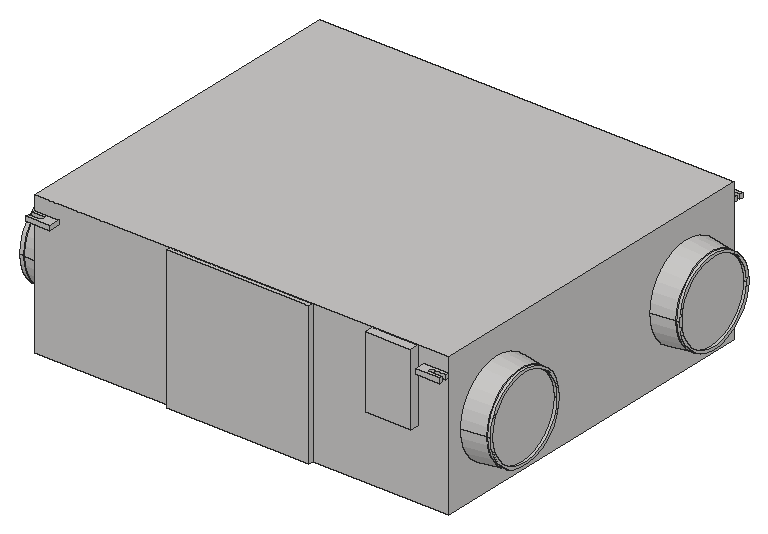
Revit family
Parameters (values of type "LGH-F470RX3-E")
  Width = 39 125/256"
  Temperature recovery efficiency = "75-72-72%"
  Subcategory = "HVAC"  # constant formula
  Starting Current = "Under 5.0 A"
  Sound Level = "31.5-37-39 dB (A)"
  SmartBIM Object Version = 3  # constant formula
  SmartBIM Object Created By = "Reed Construction Data"  # constant formula
  Power Source = "208-230V, 1 Phase, 60Hz"  # constant formula
  Power Consumption = "0.375-0.560 kW"
  Operating Environment = "14°F-104°F (-10°C-50°C), RH 80% or less"  # constant formula
  Net Weight = "143 lb / 65 kg"
  Motor = "Totally enclosed capacitor permanent split-phase 0.52 HP induction motor, 4 poles, 2 units"  # constant formula
  Manufacturer = "Mitsubishi Electric"  # constant formula
  MOCP = "15 A"
  MCC = "3.7 A"
  K = 5 111/128"
  J = 27 13/64"
  Duct Offset = 1/2"
  Description = ""
  Depth = 45 53/64"
  Heat Exchange System = "Air-to-air total heat"  # constant formula
  Heat Exchange Material = "Partition, spacing plate-cellulose fiber membrane"  # constant formula
  H = 5 25/256"
  G = 4 3/4"
  Filter = "Washable fiber (2)"  # constant formula
  F = 1 147/256"
  External static pressure = "0.29 - 0.58 - 0.80 H2O"
  External Finish = Galvanized steel sheet
  Enthalphy recovery efficiency Heating = "65-62-62%"
  Enthalphy recovery efficiency Cooling = "48-44-44%"
  Energy Transfer = "Lossnay® core"  # constant formula
  E = 40 53/64"
  Height = 15 171/256"
  D = 40 141/256"
  Current = "1.6-2.5 A"
  Capacity = "470 ft3/min / 13.3 m3/min"
  Blower = "9.625 in. dia. centrigugal fan"  # constant formula
  Assembly Code = "D3050200"
  95 CSI = "15760"  # constant formula
  04 CSI = "23 82 19"  # constant formula
Types (5): name | Width | Temperature recovery efficiency | Starting Current | Sound Level | Power Consumption | Net Weight | MCC | K | J | Duct Offset | Depth | H | G | External static pressure | Enthalphy recovery efficiency Heating | Enthalphy recovery efficiency Cooling | E | Height | D | Current | Capacity
  (no name) | 39 125/256" | "75-72-72%" | "Under 5.0 A" | "31.5-37-39 dB (A)" | "0.375-0.560 kW" | "143 lb / 65 kg" | "3.7 A" | 5 111/128" | 27 13/64" | 1/2" | 45 53/64" | 5 25/256" | 4 3/4" | "0.29 - 0.58 - 0.80 H2O" | "65-62-62%" | "48-44-44%" | 40 53/64" | 15 171/256" | 40 141/256" | "1.6-2.5 A" | "470 ft3/min / 13.3 m3/min"
  LGH-F300RX3-E | 40" | "74-69-69%" | "Under 2.5 A" | "25-32-36 dB (A)" | "0.146-0.278 kW" | "73 lb / 33 kg" | "1.7 A" | 4 113/128" | 29 85/256" | 1/2" | 34 59/64" | 4 3/32" | 3 25/32" | "0.02-0.10-0.65 H2O" | "69-62-62%" | "52-44-44%" | 41 67/256" | 12 133/256" | 31 9/64" | "0.6-1.3 A" | "300 ft3/min / 8.5 m3/min"
  LGH-F470RX3-E | 39 125/256" | "75-72-72%" | "Under 5.0 A" | "31.5-37-39 dB (A)" | "0.375-0.560 kW" | "143 lb / 65 kg" | "3.7 A" | 5 111/128" | 27 13/64" | 1/2" | 45 53/64" | 5 25/256" | 4 3/4" | "0.29 - 0.58 - 0.80 H2O" | "65-62-62%" | "48-44-44%" | 40 53/64" | 15 171/256" | 40 141/256" | "1.6-2.5 A" | "470 ft3/min / 13.3 m3/min"
  LGH-F600RX3-E | 39 125/256" | "73-69-69%" | "Under 7.0 A" | "30-37-39 dB (A)" | "0.390-0.654 kW" | "159 lb / 72 kg" | "3.7 A" | 5 111/128" | 36 23/128" | 1/2" | 45 53/64" | 5 25/256" | 4 3/4" | "0.24-0.48-0.80 H2O" | "66-62-62%" | "50-44-44%" | 49 49/64" | 15 171/256" | 40 141/256" | "1.7-2.9 A" | "600 ft3/min / 17 m3/min"
  LGH-F1200RX3-E | 48 109/256" | "74-69-69%" | "Under 14.0 A" | "32-39-41 dB (A)" | "0.810-1.290 kW" | "395 lb / 179 kg" | "6.9 A" | 4 113/128" | 29 85/256" | 2 1/2" | 65 111/256" | 7 3/32" | 6 7/8" | "0.20-0.43-0.75 H2O" | "67-62-62%" | "51-44-44%" | 50 15/128" | 31 127/256" | 40 141/256" | "3.6-5.7 A" | "1,200 ft3/min / 34 m3/min"
Reference planes (in)
  plane 1 "Center (Front/Back)": y = 0
  plane 2 "Ceiling": z = 96
  plane 3 "Center (Left/Right)": x = 0.01969
  plane 4: y = -19.74414
  plane 5: y = 19.74414
  plane 6: x = 22.93375
  plane 7: x = -22.89438
  plane 8: y = -43.36619
  plane 9: y = -25.64965
  plane 10: x = 8.87795
  plane 11: x = -8.83858
Forms (in)
  Extrusion 1, solid, material "Galvanized steel sheet" <- "External Finish"
    sketch origin (-25.61091, 13.10241, 89.74023) x (0, 0, 1) y (0, 1, 0)
      loop
        circle (0, 0) r 4.75
      loop
        circle (0, 0) r 4.5
    from 0 to 0.3937
  Extrusion 2, solid, material "Galvanized steel sheet" <- "External Finish"
    sketch origin (-25.61091, -13.10241, 89.74023) x (0, 0, -1) y (0, -1, 0)
      loop
        circle (0, 0) r 4.5
      loop
        circle (0, 0) r 4.75
    from 0 to 0.3937
  Extrusion 3, solid, material "Galvanized steel sheet" <- "External Finish"
    sketch origin (25.65028, 13.10241, 89.74023) x (0, 0, -1) y (0, 1, 0)
      loop
        circle (0, 0) r 4.5
      loop
        circle (0, 0) r 4.75
    from 0 to 0.3937
  Extrusion 4, solid, material "Galvanized steel sheet" <- "External Finish"
    sketch origin (25.65028, -13.10241, 89.74023) x (0, 0, 1) y (0, -1, 0)
      loop
        circle (0, 0) r 4.5
      loop
        circle (0, 0) r 4.75
    from 0 to 0.3937
  Extrusion 5, solid, material "Galvanized steel sheet" <- "External Finish"
    sketch origin (-41.31307, -19.74414, 90) x (-1, 0, 0) y (0, 0, 1)
      loop
        line (-55.87283, 7.57422) -> (-60.87283, 7.57422) -> (-60.87283, -0.42578) -> (-55.87283, -0.42578) -> (-55.87283, 7.57422)
    from 0 to -1
Lines and regions (in)
  Opening 1
    outline origin (0, 0, 96) x (1, 0, 0) y (0, 1, 0)
      loop
        line (-22.89438, 19.74414) -> (-22.89438, -19.74414) -> (-7.8143, -19.74414) -> (-7.8143, -20.24414) -> (7.85367, -20.24414) -> (7.85367, -19.74414) -> (14.55976, -19.74414) -> (14.55976, -20.74414) -> (19.55976, -20.74414) -> (19.55976, -19.74414) -> (22.93375, -19.74414) -> (22.93375, 19.74414) -> (-22.89438, 19.74414)
  sketch lines
    curve 1: line (-59.98031, 60, 0) -> (60.01969, 60, 0)
    curve 2: line (-59.98031, 60, 0) -> (-59.98031, -60, 0)
    curve 3: line (-59.98031, -60, 0) -> (60.01969, -60, 0)
    curve 4: line (60.01969, 60, 0) -> (60.01969, -60, 0)
  symbolic lines, style "Clearances"
    curve 5: line (-22.89438, -43.36619, 96) -> (22.93375, -43.36619, 96)
    curve 6: line (-22.89438, 19.74414, 96) -> (-22.89438, -43.36619, 96)
    curve 7: line (22.93375, 19.74414, 96) -> (-22.89438, 19.74414, 96)
    curve 8: line (22.93375, -43.36619, 96) -> (22.93375, 19.74414, 96)
    curve 9: line (-8.83858, -43.36619, 96) -> (-8.83858, -25.64965, 96)
    curve 10: line (-8.83858, -25.64965, 96) -> (8.87795, -25.64965, 96)
    curve 11: line (8.87795, -25.64965, 96) -> (8.87795, -43.36619, 96)
    curve 12: line (-8.83858, -43.36619, 96) -> (8.87795, -25.64965, 96)
    curve 13: line (8.87795, -43.36619, 96) -> (-8.83858, -25.64965, 96)
    curve 14: line (-22.89438, -19.74414, 96) -> (22.93375, -19.74414, 96)
Dimensions and locks (in)
  equal spacing: curve 2, plane 3 "Center (Left/Right)", curve 4
  equal spacing: curve 3, plane 1 "Center (Front/Back)", curve 1
  curve 2 to curve 4 = 120"
  curve 3 to curve 1 = 120"
  equal spacing: plane 5, plane 1 "Center (Front/Back)", plane 4
  "Width": plane 5 to plane 4
  equal spacing: plane 7, plane 3 "Center (Left/Right)", plane 6
  "Depth": plane 7 to plane 6
  locked: plane 4 to plane 8 at 23.62205
  locked: plane 9 to plane 8 at 17.71654
  locked: plane 11 to plane 3 "Center (Left/Right)" at 8.85827
  locked: plane 3 "Center (Left/Right)" to plane 10 at 8.85827
  aligned and locked: plane 2 "Ceiling" to nested 1
  aligned and locked: plane 3 "Center (Left/Right)" to nested 1
  aligned and locked: plane 1 "Center (Front/Back)" to nested 1
  aligned and locked: Opening 1 sketch curve to nested 1  (x9)
  aligned and locked: nested 1 to Opening 1 sketch curve  (x3)
  aligned and locked: Extrusion 1 sketch curve to nested 1
  aligned and locked: Extrusion 2 sketch curve to nested 1
  aligned and locked: Extrusion 3 sketch curve to Extrusion 1
  aligned and locked: Extrusion 4 sketch curve to nested 1
  aligned and locked: Extrusion 5 sketch curve to nested 1  (x3)
  aligned and locked: nested 1 to Extrusion 5 sketch curve
  aligned and locked: plane 7 to curve 6
  aligned and locked: plane 8 to curve 5
  aligned and locked: plane 6 to curve 8
  aligned and locked: nested 1 to nested 1
  aligned and locked: plane 4 to curve 14
  aligned and locked: plane 9 to curve 10
  aligned and locked: plane 11 to curve 9
  aligned and locked: plane 10 to curve 11
Automatic sketch dimensions
  Extrusion 5 sketch curve to Extrusion 5 sketch curve = 5"
  curve 6 to plane 5 = 0"
  radius of Extrusion 1 sketch curve to nested 1 = 1/4"
  radius of Extrusion 3 sketch curve to nested 1 = 1/4"
  radius of Extrusion 4 sketch curve to nested 1 = 1/4"
  radius of Extrusion 2 sketch curve to nested 1 = 1/4"
Nested families (in)
  nested 1: "LGH" at (0.01969, 0, 81.90625), type "LGH"
    with K 5 111/128", J 27.20482", H 5 25/256", G 4 3/4", E 40.74812", Duct Offset 1/2", D 42.00923", Height 15 171/256", Width 39 125/256", Depth 45 53/64"
Connectors (in)
  hvac at (-26.00461, 13.10241, 89.74023), driven by "G"
    settings: on Extrusion 1, index 1
  hvac at (26.04398, -13.10241, 89.74023), driven by "G"
    settings: on Extrusion 4, index 3
  electrical at (17.05976, -20.74414, 93.57422)
    settings: on Extrusion 5, index 5
  piping at (25.65028, 13.10241, 89.74023), driven by "G"
    settings: on Extrusion 3, index 7
  piping at (-26.00461, -13.10241, 89.74023), driven by "G"
    settings: on Extrusion 2, index 8
Definition of nested family "LGH"
  Parameters (values of type "LGH")
    K = 4 113/128"
    J = Width - 0.07874" * 156  # 36.14232"
    H = 7 3/32"
    G = 6 7/8"
    F = 1 147/256"
    External Finish = Galvanized steel sheet
    E = Width + (0.07874" * 16)  # 49.68562"
    Duct Offset = 6.44015"
    D = Depth - (0.07874" * 48.5)  # 61.6147"
    Height = 31 127/256"
    Width = 48 109/256"
    Assembly Code = ""
    Depth = 65 111/256"
  Reference planes (in)
    plane 1 "Center (Front/Back)": y = 0
    plane 2: z = 0
    plane 3 "Center (Left/Right)": x = 0
    plane 4: x = -32.7168
    plane 5: x = 32.7168
    plane 6: y = 24.21289
    plane 7: y = -24.21289
    plane 8: x = 35.82703
    plane 9: x = -35.82703
    plane 10: y = 18.07116
    plane 11: y = -18.07116
    plane 12: x = -27.83398
    plane 13: z = 31.49609
    plane 14: z = 15.74805
    plane 15: z = 29.92188
    plane 16: x = -30.80735
    plane 17: x = 30.80735
    plane 18: y = 24.84281
    plane 19: y = -24.84281
    plane 20: x = -35.43333
    plane 21: x = 35.43333
    plane 22: y = 11.63101
    plane 23: y = -11.63101
  Forms (in)
    Extrusion 1, solid, material "Galvanized steel sheet" <- "External Finish"
      sketch origin (0, 0, 0) x (1, 0, 0) y (0, 1, 0)
        loop
          line (-32.7168, -24.21289) -> (32.7168, -24.21289) -> (32.7168, 24.21289) -> (-32.7168, 24.21289) -> (-32.7168, -24.21289)
        loop
          line (32.2168, -23.71289) -> (32.2168, 23.71289) -> (-32.2168, 23.71289) -> (-32.2168, -23.71289) -> (32.2168, -23.71289)
      from 0 to 31.49609
    Extrusion 2, solid, material "Galvanized steel sheet" <- "External Finish"
      sketch origin (0, 0, 0) x (1, 0, 0) y (0, 1, 0)
        loop
          line (-32.2168, 23.71289) -> (-32.2168, -23.71289) -> (32.2168, -23.71289) -> (32.2168, 23.71289) -> (-32.2168, 23.71289)
      from 0 to 0.5
    Extrusion 3, solid, material "Galvanized steel sheet" <- "External Finish"
      sketch origin (-47.80367, -180, 31.49609) x (-1, 0, 0) y (0, -1, 0)
        loop
          line (-15.58688, -203.71289) -> (-15.58688, -156.28711) -> (-80.02047, -156.28711) -> (-80.02047, -203.71289) -> (-15.58688, -203.71289)
      from -0.5 to 0
    Blend 4, solid, material "Galvanized steel sheet" <- "External Finish"
      base sketch origin (-32.7168, -24.21289, 0) x (0, 1, 0) y (0, 0, -1)
        loop
          circle (35.8439, -15.74805) r 6.875
      top sketch origin (-32.7168, -24.21289, 0) x (0, 1, 0) y (0, 0, -1)
        loop
          circle (35.8439, -15.74805) r 7.09375
      from 2.71654 to 0
    Blend 5, solid, material "Galvanized steel sheet" <- "External Finish"
      base sketch origin (17.46875, -20, 0) x (0, 1, 0) y (0, 0, 1)
        loop
          circle (31.63101, 15.74805) r 6.875
      top sketch origin (17.46875, -20, 0) x (0, 1, 0) y (0, 0, 1)
        loop
          circle (31.63101, 15.74805) r 7.09375
      from 17.96458 to 15.24805
    Blend 6, solid, material "Galvanized steel sheet" <- "External Finish"
      base sketch origin (17.46875, 20, 0) x (0, -1, 0) y (0, 0, -1)
        loop
          circle (31.63101, -15.74805) r 6.875
      top sketch origin (17.46875, 20, 0) x (0, -1, 0) y (0, 0, -1)
        loop
          circle (31.63101, -15.74805) r 7.09375
      from 17.96458 to 15.24805
    Blend 7, solid, material "Galvanized steel sheet" <- "External Finish"
      base sketch origin (-17.46875, 20, 0) x (0, -1, 0) y (0, 0, 1)
        loop
          circle (31.63101, 15.74805) r 6.875
      top sketch origin (-17.46875, 20, 0) x (0, -1, 0) y (0, 0, 1)
        loop
          circle (31.63101, 15.74805) r 7.09375
      from 17.96458 to 15.24805
    Extrusion 8, solid, material "Galvanized steel sheet" <- "External Finish"
      sketch origin (-32.7168, -24.21289, 0) x (1, 0, 0) y (0, 0, 1)
        loop
          line (16.96875, 31.49609) -> (16.96875, 0) -> (48.46484, 0) -> (48.46484, 31.49609) -> (16.96875, 31.49609)
      from 0 to 0.5
    Extrusion 9, solid, material "Galvanized steel sheet" <- "External Finish"
      sketch origin (-32.7168, -24.21289, 0) x (1, 0, 0) y (0, 0, 1)
        loop
          line (57.05961, 31.49609) -> (57.05961, 23.49609) -> (62.05961, 23.49609) -> (62.05961, 31.49609) -> (57.05961, 31.49609)
      from 0 to 1
  Cuts and joins
    joined: Extrusion 1, Extrusion 2, Extrusion 3
  Dimensions and locks (in)
    equal spacing: plane 7, plane 1 "Center (Front/Back)", plane 6
    "Width": plane 7 to plane 6
    equal spacing: plane 4, plane 3 "Center (Left/Right)", plane 5
    "Depth": plane 4 to plane 5
    locked: plane 5 to plane 8 at 3.11024
    locked: plane 9 to plane 4 at 3.11024
    equal spacing: plane 10, plane 1 "Center (Front/Back)", plane 11
    "J": plane 11 to plane 10
    "K": plane 4 to plane 12
    "Height": plane 13 to level
    locked: plane 6 to Extrusion 1 sketch curve at 0.5
    locked: plane 4 to Extrusion 1 sketch curve at 0.5
    locked: Extrusion 1 sketch curve to plane 5 at 0.5
    locked: plane 7 to Extrusion 1 sketch curve at 0.5
    locked: plane 13 to Extrusion 3 at 0.5
    locked: Extrusion 2 to level at 0.5
    "F": plane 13 to plane 15
    locked: plane 13 to Extrusion 9 sketch curve at 8
    plane 5 to Extrusion 9 sketch curve to Extrusion 9 sketch curve = 3.37398" locked, 5" locked
    equal spacing: plane 16, plane 3 "Center (Left/Right)", plane 17
    "D": plane 16 to plane 17
    equal spacing: plane 19, plane 1 "Center (Front/Back)", plane 18
    "E": plane 18 to plane 19
    locked: plane 9 to plane 20 at 0.3937
    locked: plane 21 to plane 8 at 0.3937
    equal spacing: Extrusion 8 sketch curve, plane 3 "Center (Left/Right)", Extrusion 8 sketch curve
    "Height": Extrusion 8 sketch curve to Extrusion 8 sketch curve
    equal spacing: plane 13, plane 14, level
    "Duct Offset": plane 22 to plane 10
    "Duct Offset": plane 23 to plane 11
    "G": radius of Blend 4 sketch curve
    "H": radius of Blend 4 sketch curve
    "G": radius of Blend 5 sketch curve
    "H": radius of Blend 5 sketch curve
    "G": radius of Blend 6 sketch curve
    "H": radius of Blend 6 sketch curve
    "G": radius of Blend 7 sketch curve
    "H": radius of Blend 7 sketch curve
    aligned and locked: Extrusion 1 sketch curve to plane 4
    aligned and locked: plane 5 to Extrusion 1 sketch curve
    aligned and locked: Extrusion 1 sketch curve to plane 6
    aligned and locked: plane 7 to Extrusion 1 sketch curve
    aligned and locked: plane 13 to Extrusion 1
    aligned and locked: Extrusion 1 to level
    aligned and locked: level to Extrusion 2
    aligned and locked: Extrusion 2 sketch curve to Extrusion 1  (x4)
    aligned and locked: Extrusion 3 sketch curve to Extrusion 1  (x4)
    aligned and locked: Extrusion 3 to plane 13
    aligned and locked: plane 14 to Blend 4 sketch curve  (x2)
    aligned and locked: plane 14 to Blend 5 sketch curve  (x2)
    aligned and locked: plane 14 to Blend 6 sketch curve  (x2)
    aligned and locked: plane 14 to Blend 7 sketch curve  (x2)
    aligned and locked: Extrusion 8 sketch curve to plane 13
    aligned and locked: Extrusion 8 sketch curve to level
    aligned and locked: Extrusion 9 sketch curve to plane 13
    aligned and locked: nested 1 to plane 16
    aligned and locked: plane 17 to nested 2
    aligned and locked: plane 16 to nested 3
    aligned and locked: nested 4 to plane 17
    aligned and locked: nested 2 to plane 18
    aligned and locked: nested 1 to plane 18
    aligned and locked: nested 3 to plane 19
    aligned and locked: nested 4 to plane 19
    aligned and locked: Blend 7 to plane 4
    aligned and locked: plane 20 to Blend 7
    aligned and locked: Blend 4 to plane 4
    aligned and locked: plane 20 to Blend 4
    aligned and locked: plane 21 to Blend 6
    aligned and locked: Blend 6 to plane 5
    aligned and locked: Blend 5 to plane 5
    aligned and locked: plane 21 to Blend 5
    aligned and locked: nested 4 to plane 15
    aligned and locked: nested 3 to plane 15
    aligned and locked: nested 2 to plane 15
    aligned and locked: plane 15 to nested 1
    aligned and locked: plane 22 to Blend 4 sketch curve  (x2)
    aligned and locked: plane 22 to Blend 5 sketch curve  (x2)
    aligned and locked: plane 23 to Blend 7 sketch curve  (x2)
    aligned and locked: plane 23 to Blend 6 sketch curve  (x2)
  Nested families (in)
    nested 1: "Support-Clip" at (-30.80735, 24.84281, 29.67188), type "Support-Clip"
    nested 2: "Support-Clip" at (30.80735, 24.84281, 29.67188) x (-1, 0, 0) z (0, 0, 1), type "Support-Clip"
    nested 3: "Support-Clip" at (-30.80735, -24.84281, 29.67188), type "Support-Clip"
    nested 4: "Support-Clip" at (30.80735, -24.84281, 29.67188) x (-1, 0, 0) z (0, 0, 1), type "Support-Clip"
  Definition of nested family "Support-Clip"
    Parameters
      Material = none
    Reference planes (in)
      plane 1 "Center (Front/Back)": y = 0
      plane 2: z = 0
      plane 3 "Center (Left/Right)": x = 0
    Forms (in)
      Extrusion 1, solid, material <- "Material"
        sketch origin (0, 0, 0) x (1, 0, 0) y (0, 1, 0)
          loop
            line (-1.90748, 0.62993) -> (-1.90748, 0.25) -> (-0.59055, 0.25)
            arc (-0.59055, 0.25) -> (-0.34055, 0) -> (-0.59055, -0.25) r 0.25
            line (-0.59055, -0.25) -> (-1.90748, -0.25) -> (-1.90748, -0.62993) -> (0.75, -0.62993) -> (0.75, 0.62993) -> (-1.90748, 0.62993)
        from -0.25 to 0.25
